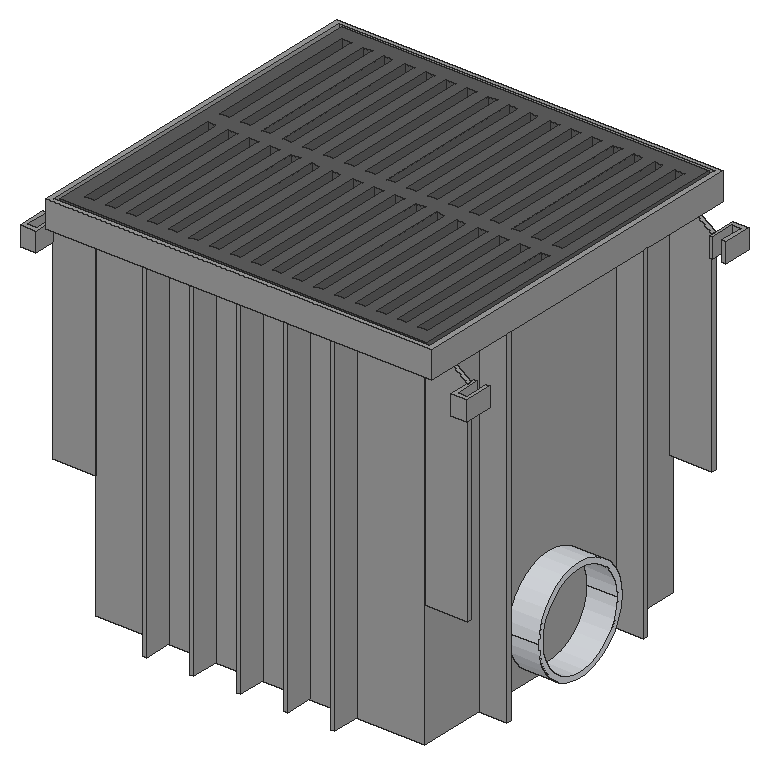
Revit family "Basin_Catch_24x24-Zurn-Z887-24-HD", category Plumbing Fixtures, Revit 2022 (continued)
Dimensions and locks (in)
  aligned and locked: plane 201 to Extrusion 66 sketch curve
  aligned and locked: plane 202 to Extrusion 66 sketch curve  (x2)
  aligned and locked: plane 203 to Extrusion 67 sketch curve
  aligned and locked: Extrusion 67 sketch curve to plane 205  (x2)
  aligned and locked: plane 206 to Extrusion 68 sketch curve
  aligned and locked: plane 208 to Extrusion 68 sketch curve
  aligned and locked: plane 209 to Extrusion 68 sketch curve
  aligned and locked: plane 3 "Center (Left/Right)" to Extrusion 69 sketch curve
  aligned and locked: plane 1 "Center (Front/Back)" to Extrusion 69 sketch curve
  aligned and locked: Extrusion 69 to plane 189
  aligned and locked: plane 17 to Extrusion 69
  aligned and locked: plane 3 "Center (Left/Right)" to Extrusion 70 sketch curve
  aligned and locked: plane 1 "Center (Front/Back)" to Extrusion 70 sketch curve
  aligned and locked: Extrusion 69 to cut or joined group of Extrusion 3, Extrusion 11, Extrusion 72
  aligned and locked: Extrusion 70 to plane 189
  aligned and locked: plane 210 to curve 20
  aligned and locked: plane 211 to curve 20
  aligned and locked: curve 20 to plane 189
  aligned and locked: plane 211 to curve 22
  aligned and locked: plane 210 to curve 22
  aligned and locked: curve 22 to plane 189
  aligned and locked: plane 5 to curve 21
  aligned and locked: plane 6 to curve 21
  aligned and locked: curve 21 to level
  aligned and locked: plane 212 to curve 24
  aligned and locked: plane 213 to curve 24
  aligned and locked: curve 24 to plane 189
  aligned and locked: plane 13 to curve 23
  aligned and locked: plane 14 to curve 23
  aligned and locked: curve 23 to level
  aligned and locked: Masking region 1 sketch curve to plane 18
  aligned and locked: plane 5 to Masking region 1 sketch curve
  aligned and locked: Masking region 1 sketch curve to Extrusion 66  (x8)
  aligned and locked: Masking region 1 sketch curve to Extrusion 67  (x7)
  aligned and locked: Masking region 1 sketch curve to plane 5  (x2)
  aligned and locked: plane 24 to Masking region 1 sketch curve  (x2)
  aligned and locked: plane 23 to Masking region 1 sketch curve
  aligned and locked: plane 19 to Masking region 1 sketch curve
  aligned and locked: Masking region 1 sketch curve to plane 6
  aligned and locked: Masking region 1 sketch curve to plane 21  (x2)
  aligned and locked: plane 6 to Masking region 1 sketch curve
  aligned and locked: Masking region 1 sketch curve to plane 22
  aligned and locked: plane 18 to Masking region 1 sketch curve
  aligned and locked: Masking region 1 sketch curve to plane 46
  aligned and locked: plane 21 to Masking region 1 sketch curve
  aligned and locked: plane 1 "Center (Front/Back)" to Extrusion 71 sketch curve
  aligned and locked: plane 215 to Extrusion 71 sketch curve
  aligned and locked: plane 218 to Extrusion 71
  aligned and locked: Extrusion 71 to plane 16
  aligned and locked: plane 215 to Extrusion 72 sketch curve
  aligned and locked: plane 1 "Center (Front/Back)" to Extrusion 72 sketch curve
  aligned and locked: Extrusion 71 to Extrusion 72
  aligned and locked: Extrusion 72 to plane 16
  aligned and locked: plane 216 to curve 26
  aligned and locked: plane 217 to curve 26
  aligned and locked: curve 26 to plane 218
  aligned and locked: plane 216 to curve 27
  aligned and locked: plane 217 to curve 27
  aligned and locked: curve 27 to plane 218
  aligned and locked: plane 213 to curve 28
  aligned and locked: plane 212 to curve 28
  aligned and locked: curve 28 to plane 215
  aligned and locked: cut or joined group of Extrusion 6, Extrusion 7, Extrusion 8 to Masking region 2 sketch curve  (x2)
  aligned and locked: Masking region 2 sketch curve to Extrusion 67  (x5)
  aligned and locked: Masking region 2 sketch curve to plane 24  (x2)
  aligned and locked: plane 23 to Masking region 2 sketch curve  (x2)
  aligned and locked: plane 47 to Masking region 2 sketch curve
  aligned and locked: plane 7 to Masking region 2 sketch curve
  aligned and locked: Masking region 2 sketch curve to Extrusion 66  (x7)
  aligned and locked: Masking region 2 sketch curve to plane 18  (x2)
  aligned and locked: plane 22 to Masking region 2 sketch curve
  aligned and locked: plane 5 to Masking region 2 sketch curve  (x2)
  aligned and locked: Masking region 2 sketch curve to plane 22
  aligned and locked: Masking region 2 sketch curve to plane 6  (x2)
  aligned and locked: plane 212 to Masking region 2 sketch curve  (x2)
  aligned and locked: plane 213 to Masking region 2 sketch curve  (x2)
  aligned and locked: plane 219 to cut or joined group of Extrusion 71, Extrusion 72
  aligned and locked: Masking region 2 sketch curve to plane 19
  aligned and locked: plane 213 to curve 29
  aligned and locked: plane 212 to curve 29
  aligned and locked: curve 29 to plane 215
  aligned and locked: cut or joined group of Extrusion 71, Extrusion 72 to plane 220
  aligned and locked: Extrusion 1 sketch curve to plane 6
  aligned and locked: plane 5 to Extrusion 1 sketch curve
  aligned and locked: curve 31 to plane 215
  aligned and locked: plane 30 to Extrusion 73 sketch curve
  aligned and locked: plane 5 to curve 33
  aligned and locked: plane 13 to curve 32
  aligned and locked: curve 34 to plane 14
  aligned and locked: curve 35 to plane 6
  aligned and locked: curve 38 to plane 15
  aligned and locked: curve 41 to plane 4
  aligned and locked: plane 5 to curve 40
  aligned and locked: level to curve 34
  aligned and locked: plane 189 to curve 43
  aligned and locked: plane 17 to curve 43
  aligned and locked: curve 43 to plane 3 "Center (Left/Right)"
  aligned and locked: Extrusion 28 to Extrusion 23  (x2)
  aligned and locked: plane 19 to Extrusion 26 sketch curve
  aligned and locked: Extrusion 26 sketch curve to plane 14
  aligned and locked: plane 19 to Extrusion 29 sketch curve
  aligned and locked: Extrusion 29 sketch curve to plane 14
  aligned and locked: plane 19 to Extrusion 28 sketch curve
  aligned and locked: Extrusion 28 sketch curve to plane 14
  aligned and locked: Extrusion 27 sketch curve to plane 14
  aligned and locked: plane 19 to Extrusion 27 sketch curve
  aligned and locked: Extrusion 25 sketch curve to plane 14
  aligned and locked: plane 19 to Extrusion 25 sketch curve
  aligned and locked: Extrusion 20 sketch curve to plane 13
  aligned and locked: plane 18 to Extrusion 20 sketch curve
  aligned and locked: Extrusion 23 sketch curve to plane 13
  aligned and locked: plane 18 to Extrusion 23 sketch curve
  aligned and locked: Extrusion 21 sketch curve to plane 13
  aligned and locked: plane 18 to Extrusion 21 sketch curve
  aligned and locked: Extrusion 22 sketch curve to plane 13
  aligned and locked: plane 27 to Extrusion 22 sketch curve
  aligned and locked: Extrusion 18 to cut or joined group of Extrusion 15, Extrusion 72  (x2)
  aligned and locked: Extrusion 12 sketch curve to plane 15
  aligned and locked: plane 5 to Extrusion 12 sketch curve
  aligned and locked: Extrusion 15 sketch curve to plane 15
  aligned and locked: plane 5 to Extrusion 15 sketch curve
  aligned and locked: Extrusion 14 sketch curve to plane 15
  aligned and locked: plane 5 to Extrusion 14 sketch curve
  aligned and locked: Extrusion 13 sketch curve to plane 15
  aligned and locked: plane 5 to Extrusion 13 sketch curve
  aligned and locked: plane 6 to Extrusion 16 sketch curve
  aligned and locked: Extrusion 16 sketch curve to plane 16
  aligned and locked: plane 6 to Extrusion 18 sketch curve
  aligned and locked: Extrusion 18 sketch curve to plane 16
  aligned and locked: plane 6 to Extrusion 17 sketch curve
  aligned and locked: Extrusion 17 sketch curve to plane 16
  aligned and locked: plane 24 to Extrusion 5 sketch curve
  aligned and locked: Extrusion 5 sketch curve to plane 19
  aligned and locked: plane 21 to Extrusion 5 sketch curve
  aligned and locked: Extrusion 5 sketch curve to plane 16
  aligned and locked: plane 22 to Extrusion 9 sketch curve
  aligned and locked: Extrusion 9 sketch curve to plane 18
  aligned and locked: Extrusion 9 sketch curve to plane 21
  aligned and locked: plane 16 to Extrusion 9 sketch curve
  aligned and locked: plane 18 to Extrusion 4 sketch curve
  aligned and locked: Extrusion 4 sketch curve to plane 22
  aligned and locked: plane 15 to Extrusion 4 sketch curve
  aligned and locked: Extrusion 4 sketch curve to plane 23
  aligned and locked: plane 23 to Extrusion 6 sketch curve
  aligned and locked: plane 19 to Extrusion 6 sketch curve
  aligned and locked: Extrusion 6 sketch curve to plane 24
  aligned and locked: Extrusion 6 sketch curve to plane 15
  aligned and locked: Extrusion 68 sketch curve to plane 8
  aligned and locked: plane 21 to Extrusion 68 sketch curve
  aligned and locked: plane 46 to Extrusion 65 sketch curve
  aligned and locked: Extrusion 65 sketch curve to plane 197
  aligned and locked: Extrusion 67 sketch curve to plane 47
  aligned and locked: Extrusion 67 sketch curve to plane 7
  aligned and locked: plane 23 to Extrusion 67 sketch curve
  aligned and locked: Extrusion 67 sketch curve to plane 204
  aligned and locked: Extrusion 66 sketch curve to plane 46
  aligned and locked: plane 7 to Extrusion 66 sketch curve
  aligned and locked: Extrusion 66 sketch curve to plane 23
  aligned and locked: Masking region 2 sketch curve to plane 222  (x2)
  aligned and locked: Masking region 2 sketch curve to plane 219
  aligned and locked: plane 8 to Masking region 2 sketch curve  (x2)
  aligned and locked: Masking region 2 sketch curve to plane 197  (x2)
  aligned and locked: Masking region 2 sketch curve to plane 194
  aligned and locked: Masking region 2 sketch curve to plane 195
  aligned and locked: plane 193 to Masking region 2 sketch curve
  aligned and locked: Masking region 2 sketch curve to plane 46
  aligned and locked: plane 21 to Masking region 2 sketch curve
  aligned and locked: Masking region 2 sketch curve to Extrusion 68  (x3)
  aligned and locked: Masking region 2 sketch curve to plane 47
  aligned and locked: Masking region 2 sketch curve to plane 23  (x2)
  aligned and locked: Extrusion 73 to plane 4
  aligned and locked: plane 56 to Extrusion 73
  aligned and locked: curve 48 to plane 45
  aligned and locked: plane 47 to curve 47
  aligned and locked: plane 44 to curve 46
  aligned and locked: plane 11 to curve 11
  aligned and locked: curve 47 to curve 11
  aligned and locked: curve 48 to curve 13
  aligned and locked: curve 45 to curve 1
  aligned and locked: curve 46 to curve 13
  aligned and locked: Extrusion 73 sketch curve to plane 9
  aligned and locked: Extrusion 30 sketch curve to plane 48
  aligned and locked: plane 38 to Extrusion 30 sketch curve
  aligned and locked: Extrusion 30 sketch curve to plane 49
  aligned and locked: plane 17 to curve 38
  aligned and locked: plane 16 to curve 41
  aligned and locked: plane 6 to curve 42
  aligned and locked: plane 4 to curve 42
  aligned and locked: Masking region 2 to plane 14
  aligned and locked: cut or joined group of Extrusion 1, Extrusion 2 to plane 5
  aligned and locked: cut or joined group of Extrusion 6, Extrusion 7, Extrusion 8 to plane 19
  aligned and locked: Extrusion 67 to plane 47
  aligned and locked: plane 23 to Extrusion 67
  aligned and locked: Extrusion 67 to plane 7
  aligned and locked: Extrusion 66 to plane 7
  aligned and locked: plane 46 to Extrusion 66
  aligned and locked: plane 23 to Extrusion 66
  aligned and locked: plane 13 to cut or joined group of Extrusion 1, Extrusion 2
  aligned and locked: plane 6 to cut or joined group of Extrusion 1, Extrusion 2
  aligned and locked: plane 18 to cut or joined group of Extrusion 9, Extrusion 10
  aligned and locked: Masking region 2 to plane 21
  aligned and locked: plane 46 to Masking region 2
  aligned and locked: plane 8 to Masking region 2
  aligned and locked: Masking region 2 to plane 197  (x2)
  aligned and locked: plane 193 to Masking region 2
  aligned and locked: Masking region 2 to plane 194
  aligned and locked: Masking region 2 to plane 195
  aligned and locked: Masking region 1 to plane 197  (x2)
  aligned and locked: Extrusion 68 to plane 47
  aligned and locked: plane 8 to Extrusion 68
  aligned and locked: cut or joined group of Extrusion 5, Extrusion 7, Extrusion 8 to plane 19
  aligned and locked: plane 24 to cut or joined group of Extrusion 5, Extrusion 7, Extrusion 8
  aligned and locked: curve 30 to plane 6
  aligned and locked: plane 13 to Masking region 2
  aligned and locked: Masking region 2 to plane 5  (x2)
  aligned and locked: plane 6 to Masking region 1
  aligned and locked: plane 6 to Masking region 2
  aligned and locked: Extrusion 68 to plane 193
  aligned and locked: plane 194 to Extrusion 68
  aligned and locked: plane 16 to curve 31
Automatic sketch dimensions
  Extrusion 12 sketch curve to Extrusion 12 sketch curve = 0.250"
  Extrusion 13 sketch curve to Extrusion 13 sketch curve = 0.250"
  Extrusion 14 sketch curve to Extrusion 14 sketch curve = 0.250"
  Extrusion 15 sketch curve to Extrusion 15 sketch curve = 0.250"
  Extrusion 16 sketch curve to Extrusion 16 sketch curve = 0.250"
  Extrusion 17 sketch curve to Extrusion 17 sketch curve = 0.250"
  Extrusion 18 sketch curve to Extrusion 18 sketch curve = 0.250"
  Extrusion 20 sketch curve to Extrusion 20 sketch curve = 0.250"
  Extrusion 21 sketch curve to Extrusion 21 sketch curve = 0.250"
  Extrusion 22 sketch curve to Extrusion 22 sketch curve = 0.250"
  Extrusion 23 sketch curve to Extrusion 23 sketch curve = 0.250"
  Extrusion 24 sketch curve to Extrusion 24 sketch curve = 0.250"
  Extrusion 24 sketch curve to Extrusion 24 sketch curve = 1.750"
  Extrusion 25 sketch curve to Extrusion 25 sketch curve = 0.250"
  Extrusion 26 sketch curve to Extrusion 26 sketch curve = 0.250"
  Extrusion 27 sketch curve to Extrusion 27 sketch curve = 0.250"
  Extrusion 28 sketch curve to Extrusion 28 sketch curve = 0.250"
  Extrusion 29 sketch curve to Extrusion 29 sketch curve = 0.250"
  Extrusion 31 sketch curve to plane 53 = 0.014"
  Extrusion 32 sketch curve to plane 58 = 0.014"
  Extrusion 33 sketch curve to plane 62 = 0.014"
  Extrusion 34 sketch curve to plane 66 = 0.014"
  Extrusion 35 sketch curve to plane 70 = 0.014"
  Extrusion 36 sketch curve to plane 74 = 0.014"
  Extrusion 37 sketch curve to plane 78 = 0.014"
  Extrusion 38 sketch curve to plane 82 = 0.014"
  Extrusion 39 sketch curve to plane 86 = 0.014"
  Extrusion 40 sketch curve to plane 90 = 0.014"
  Extrusion 41 sketch curve to plane 94 = 0.014"
  Extrusion 42 sketch curve to plane 98 = 0.014"
  Extrusion 43 sketch curve to plane 102 = 0.014"
  Extrusion 44 sketch curve to plane 106 = 0.014"
  Extrusion 45 sketch curve to plane 110 = 0.014"
  Extrusion 46 sketch curve to plane 114 = 0.014"
  Extrusion 47 sketch curve to plane 118 = 0.014"
  Extrusion 48 sketch curve to plane 122 = 0.014"
  Extrusion 49 sketch curve to plane 126 = 0.014"
  Extrusion 50 sketch curve to plane 130 = 0.014"
  Extrusion 51 sketch curve to plane 134 = 0.014"
  Extrusion 52 sketch curve to plane 138 = 0.014"
  Extrusion 53 sketch curve to plane 142 = 0.014"
  Extrusion 54 sketch curve to plane 146 = 0.014"
  Extrusion 55 sketch curve to plane 150 = 0.014"
  Extrusion 56 sketch curve to plane 154 = 0.014"
  Extrusion 57 sketch curve to plane 158 = 0.014"
  Extrusion 58 sketch curve to plane 162 = 0.014"
  Extrusion 59 sketch curve to plane 166 = 0.014"
  Extrusion 60 sketch curve to plane 170 = 0.014"
  Extrusion 61 sketch curve to plane 174 = 0.014"
  Extrusion 62 sketch curve to plane 178 = 0.014"
  Extrusion 63 sketch curve to plane 182 = 0.014"
  Extrusion 64 sketch curve to plane 186 = 0.014"
  curve 25 to plane 212 = 0.000"
  Extrusion 7 sketch curve to plane 5 = 0.000"
  Extrusion 7 sketch curve to plane 6 = 0.000"
  Extrusion 8 sketch curve to plane 5 = 0.000"
  Extrusion 8 sketch curve to plane 6 = 0.000"
  Extrusion 10 sketch curve to plane 21 = 0.000"
  Extrusion 10 sketch curve to plane 4 = 0.000"  (x2)
  Extrusion 10 sketch curve to plane 6 = 0.000"
  Extrusion 10 sketch curve to plane 5 = 0.000"
  Extrusion 10 sketch curve to plane 23 = 0.000"
  Extrusion 10 sketch curve to plane 25 = 0.000"  (x2)
  Extrusion 19 sketch curve to plane 6 = 0.000"
  Extrusion 19 sketch curve to plane 16 = 0.000"
  plane 212 to Extrusion 19 sketch curve = 1.238"
  plane 212 to Extrusion 19 sketch curve = 1.488"
  Extrusion 65 sketch curve to plane 191 = 0.000"
  Extrusion 66 sketch curve to plane 200 = 0.000"
  Extrusion 68 sketch curve to plane 194 = 0.000"
  Extrusion 68 sketch curve to plane 47 = 0.000"
  plane 209 to Extrusion 68 sketch curve = 0.000"
  Masking region 1 sketch curve to plane 21 = 0.000"
  Masking region 1 sketch curve to plane 19 = 0.000"
  Masking region 1 sketch curve to plane 23 = 0.000"  (x2)
  Masking region 1 sketch curve to plane 22 = 0.000"
  Extrusion 18 sketch curve to plane 213 = 1.488"
  plane 37 to Extrusion 26 sketch curve = 0.000"
  Extrusion 29 sketch curve to plane 211 = 0.4375"
  Extrusion 28 sketch curve to plane 3 "Center (Left/Right)" = 0.1245"
  plane 210 to Extrusion 27 sketch curve = 0.1885"
  Extrusion 25 sketch curve to plane 34 = 0.000"
  Extrusion 16 sketch curve to plane 33 = 0.000"
  Extrusion 17 sketch curve to plane 212 = 2.262"
  Extrusion 21 sketch curve to plane 37 = 0.000"
  Extrusion 24 sketch curve to plane 18 = 0.000"
  Extrusion 24 sketch curve to plane 211 = 0.4375"
  Extrusion 23 sketch curve to plane 3 "Center (Left/Right)" = 0.1245"
  plane 210 to Extrusion 22 sketch curve = 0.1885"
  Extrusion 20 sketch curve to plane 34 = 0.000"
  Extrusion 13 sketch curve to plane 212 = 2.012"
  plane 212 to Extrusion 14 sketch curve = 1.488"
  Extrusion 15 sketch curve to plane 213 = 1.238"
  Extrusion 12 sketch curve to plane 32 = 0.000"
  Masking region 1 sketch curve to plane 8 = 0.000"  (x2)
  Masking region 1 sketch curve to plane 194 = 0.000"  (x2)
  Masking region 1 sketch curve to plane 193 = 0.000"  (x2)
  Masking region 1 sketch curve to plane 195 = 0.000"
  Masking region 1 sketch curve to plane 197 = 0.000"
  plane 197 to Masking region 1 sketch curve = 0.000"
  Masking region 1 sketch curve to plane 47 = 0.000"
  plane 24 to Masking region 1 sketch curve = 0.210"  (x2)
  Masking region 1 sketch curve to plane 26 = 0.22129"
  Masking region 2 sketch curve to plane 194 = 0.000"
  Masking region 2 sketch curve to plane 193 = 0.000"
  Masking region 2 sketch curve to plane 21 = 0.000"  (x3)
  Masking region 1 sketch curve to plane 6 = 0.000"
  Masking region 1 sketch curve to plane 13 = 0.000"
  Masking region 1 sketch curve to plane 14 = 0.000"
  plane 13 to Masking region 2 sketch curve = 0.000"
  Masking region 2 sketch curve to plane 14 = 0.000"
  curve 30 to plane 13 = 0.000"
  curve 30 to plane 14 = 0.000"
  plane 1 "Center (Front/Back)" to curve 44 = 0.000"
  plane 24 to curve 13 = 0.57875"
  plane 29 to curve 1 = 0.0625"
  curve 1 to curve 2 = 2.05682"
  curve 38 to plane 4 = 0.000"
Connectors (in)
  piping at (0, 0, -26), diameter 6, driven by "Bottom Connector", driven by "Waste Connection", driven by "Waste Connection"
    settings: on cut or joined group of Extrusion 69, Extrusion 70, index 1, connector inside diameter 24", connector length 0.000", flow factor 0, pipe flow 0 GPM, pressure drop 0.00 psi, fitting loss kfactor 0, connector angle 0.00°, fixture units 0, engagement length 0.000", angle of deflection 0.00°, flow configuration 0, flow direction 2, fitting loss method 0, system type 16, joint type 0, gender type 0, connector reference index -1, connector utility 1, adjustable connector yes, is connector primary yes, connector description "Sanitary Outlet"
  piping at (12.5, 0, -20.5), diameter 6, driven by "End Connector", driven by "Waste Connection", driven by "Waste Connection"
    settings: on cut or joined group of Extrusion 71, Extrusion 72, index 2, connector inside diameter 24", connector length 0.000", flow factor 0, pipe flow 0 GPM, pressure drop 0.00 psi, fitting loss kfactor 0, connector angle 0.00°, fixture units 0, engagement length 0.000", angle of deflection 0.00°, flow configuration 0, flow direction 2, fitting loss method 0, system type 16, joint type 0, gender type 0, connector reference index -1, connector utility 1, adjustable connector yes, is connector primary no, connector description "Sanitary Outlet"
Types (7): name | Product Installation Sheet URL | Outlet Radius | Outlet Location | Bottom Connector | Nominal End Outlet (E) | Nominal Bottom Outlet (U) | Model | End Connector | End Outlet (E) | Bottom Outlet (U) | Actual End Outlet (E) | Actual Bottom Outlet (U)
  (no name) | "" | 3.313" | 20.500" | 3.000" | 6.000" | 6.000" | "Z887-24-HD-E6" | 3.000" | yes | no | 6.625" | 6.625"
  Z887-24-HD-3 Inch No-Hub Bottom Outlet | "https://files.zurn.com/care-cleaning-install-warranty-sheets/ft966.pdf" | 1.750" | 20.794" | 1.500" | 3.000" | 3.000" | "Z887-24-HD-U3" | 1.500" | no | yes | 3.500" | 3.500"
  Z887-24-HD-4 Inch No-Hub Bottom Outlet | "" | 2.250" | 20.794" | 2.000" | 4.000" | 4.000" | "Z887-24-HD-U4" | 2.000" | no | yes | 4.500" | 4.500"
  Z887-24-HD-6 Inch No-Hub Bottom Outlet | "" | 3.313" | 20.794" | 3.000" | 6.000" | 6.000" | "Z887-24-HD-U6" | 3.000" | no | yes | 6.625" | 6.625"
  Z887-24-HD-3 Inch No-Hub End Outlet | "" | 1.750" | 20.750" | 1.500" | 3.000" | 3.000" | "Z887-24-HD-E3" | 1.500" | yes | no | 3.500" | 3.500"
  Z887-24-HD-4 Inch No-Hub End Outlet | "" | 2.250" | 20.794" | 2.000" | 4.000" | 4.000" | "Z887-24-HD-E4" | 2.000" | yes | no | 4.500" | 4.500"
  Z887-24-HD-6 Inch No-Hub End Outlet | "" | 3.313" | 20.500" | 3.000" | 6.000" | 6.000" | "Z887-24-HD-E6" | 3.000" | yes | no | 6.625" | 6.625"
